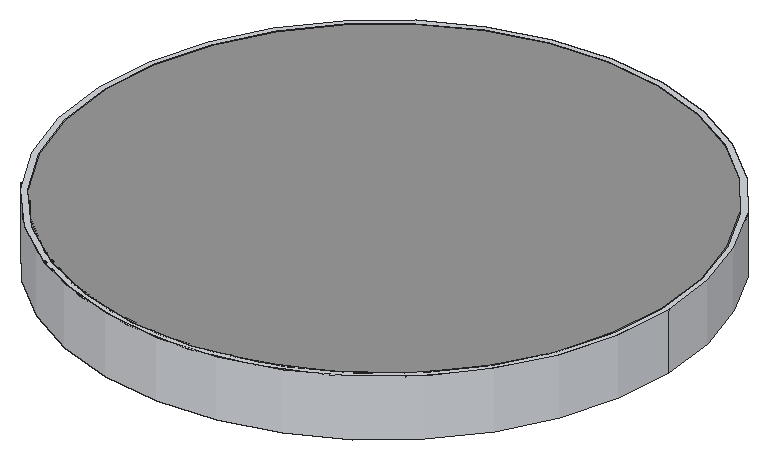
Revit family "2071202", category Lighting Fixtures, host Face, Revit 2018
Family settings
  Host = Face
  Round Connector Dimension = Use Diameter
  Part Type = Normal
  OmniClass Number = 23.80.70.00
  OmniClass Title = Lighting
  Cut with Voids When Loaded = No
  Light Source = Yes
  Shared = No
  Room Calculation Point = No
Parameters (values of type "2071202 COLOSSAL 600 830 OP DIR+H WHT SSC")
  iner diameter = 588 mm
  Weight = "n/a"
  Wattage Comments = ""
  Wattage = 30 W
  WarrantyStartDate [instance] = "n/a"
  WarrantyGuarantorParts = "n/a"
  WarrantyDurationUnit = "n/a"
  WarrantyDurationParts = ""
  WarrantyDescription = "http://www.sylvania-lighting.com"
  built-in parameter 1150110 = 1 (stored number, unit not read)
  Voltage = 230 V
  URL = "0.99"
  TypeName = "COLOSSAL 600mm 830 OPAL DIR+HAL WHITE SSC"
  Type Image = <None>
  Type Comments = "n/a"
  built-in parameter 1114217 = 1 (stored number, unit not read)
  Tilt Angle = -90.00°
  built-in parameter 1150109 = 1 (stored number, unit not read)
  built-in parameter 1150134 = (empty or 0)
  built-in parameter 1150113 = 1 (stored number, unit not read)
  SerialNumber [instance] = "n/a"
  Photometric Web File = "2071202.ies"
  Material_3_SYL = LED-Sylvania
  PowerFactor = 0
  PowerConsumption = "Lighting"
  NominalLength = 600 mm
  NominalHeight = 93 mm
  NominalDepth = 600 mm
  Name = "COLOSSAL 600mm 830 OPAL DIR+HAL WHITE SSC"
  ModelReference = Name  # "COLOSSAL 600mm 830 OPAL DIR+HAL WHITE SSC"
  ModelNumber = "2071202"
  Model = Name  # "COLOSSAL 600mm 830 OPAL DIR+HAL WHITE SSC"
  Material = "Feilo Sylvania"
  ManufacturerName = "129 lm/W"
  Manufacturer = ""
  LuminousEfficacy = ""
  built-in parameter 1150105 = 270.44 (stored number, unit not read)
  Lumens = 3398.4 lm
  LuminaireType = "0"
  built-in parameter 1150115 = 1 (stored number, unit not read)
  LightOutputRatio = "LED"
  built-in parameter 1150137 = (empty or 0)
  built-in parameter 1150139 = (empty or 0)
  LampsType = Lamp  # "n/a"
  LampNominalLuminous = "3000 K"
  LampMacAdamStep = "80"
  LampColourTemperature = "LED"
  LampColourRenderingIndex = "16500"
  built-in parameter 1150112 = 1 (stored number, unit not read)
  built-in parameter 1150114 = 1 (stored number, unit not read)
  Lamp = "n/a"
  Keynote = "n/a"
  InstallationDate [instance] = "n/a"
  InputVoltage = "0"
  InputNominalFrequency = "3000"
  built-in parameter 1150132 = (empty or 0)
  built-in parameter 1150102 = (empty or 0)
  built-in parameter 1150107 = 3000 (stored number, unit not read)
  built-in parameter 1150138 = (empty or 0)
  IngressProtection = "IfcLightFixtureType"
  ImpactProtectionIndex = "IfcLightFixtureType"
  built-in parameter 1150106 = 2.7044 (stored number, unit not read)
  IfcExportType = "IfcLightFixtureType"
  IfcExportAs = "Class I"
  Emit from Circle Diameter = 385 mm
  Emit Shape Visible in Rendering = no
  ElectricShockClassification = "129"
  built-in parameter 1150104 = 10.524 (stored number, unit not read)
  DocumentationLiterature = "http://www.sylvania-lighting.com/product/en-int/products/2071202"
  DimmingControlOptions = "n/a"
  Material_2_SYL = Polycarbonate_Sylvania_White
  Dimming Lamp Color Temperature Shift = <None>
  Description = "600mm diameter circular architectural luminaire, can be surface mounted or suspended. Powder coated aluminium housing (RAL9016) with polycarbonate opal diffuser. Direct/indirect (halo) light distribution, 5190lm luminuous flux, 40.1W system power, 129lm/W luminiaire efficacy. Sylsmart Standalone enabled. Colour rendering index Ra >80, 3000K Warm White LED, chromaticity tolerance of 3-step MacAdam ellipse. IP40, IK03. 450mA drive current. Electrical protection Class1, 220-240V. Reported lifetime 66k hours L90B10."
  Default Elevation = 1219.2 mm
  CreatedOn = "23/03/2022"
  CreatedBy = "@sylvania-lighting.com"
  Cost = 0
  Color Filter = 16777215
  built-in parameter 1114216 [instance] = (empty or 0)
  ClassificationValue = "EF_70_80"
  ClassificationName = "Uniclass2015"
  Material_1_SYL = Polycarbonate_Sylvania_Opal
  BarCode [instance] = "n/a"
  built-in parameter 1114218 = 1 (stored number, unit not read)
  built-in parameter 1150133 = 10 (stored number, unit not read)
  AssetType = "Fixed"
  AssetIdentifier [instance] = "n/a"
  Assembly Code = "D5020200"
  Apparent Load = 40.1 VA
  Material_4_SYL = none
Reference planes
  plane 1 "Center (Front/Back)": y = 0
  plane 2: z = 0
  plane 3 "Center (Left/Right)": x = 0
  plane 4: x = -300
  plane 5: x = 300
  plane 6: y = 300
  plane 7: y = -300
  plane 8: y = 212
  plane 9: y = -212
  plane 10: z = 93
  plane 11: y = 294
  plane 12: y = -294
  plane 13: through (0, 0, 1219.2) normal (0.5, -0.866, 0)
  plane 14: through (-134.29, 20.617, 1219.2) normal (0.5, -0.866, 0)
  plane 15: through (-144.685, -181.683, 1219.2) normal (-0.5, 0.866, 0)
  plane 16: through (0, 0, 1219.2) normal (0.5, 0.866, 0)
  plane 17: through (178.555, -4.939, 1219.2) normal (0.5, 0.866, 0)
  plane 18: through (87.581, -148.715, 1219.2) normal (0.5, 0.866, 0)
  plane 19: y = 272
  plane 20: through (105.168, 227.067, 1219.2) normal (0.866, 0.5, 0)
  plane 21: through (-104.171, 225.672, 1219.2) normal (0.8572, -0.515, 0)
  plane 22: y = -204.612
  plane 23: through (-296.643, -30.2, 1219.2) normal (0.866, 0.5, 0)
  plane 24: through (153.092, -278.837, 1219.2) normal (-0.866, 0.5, 0)
Forms (mm)
  Extrusion 1, solid, detail levels medium+fine
    sketch origin (0, 0, 0) x (1, 0, 0) y (0, 1, 0)
      loop
        circle (0, 0) r 300
    from 33.023 to 93
  Extrusion 2, void
    sketch origin (0, 0, 0) x (1, 0, 0) y (0, 1, 0)
      loop
        circle (0, 0) r 294
    from 93 to 37.292
  Extrusion 3, solid, material "Glass, White, High Luminance", detail levels fine
    sketch origin (0, 0, 0) x (1, 0, 0) y (0, 1, 0)
      loop
        circle (0, 0) r 294
    from 88.026 to 93
  Extrusion 4, solid, detail levels coarse
    sketch origin (0, 0, 0) x (1, 0, 0) y (0, 1, 0)
      loop
        line (-300, 300) -> (-300, -300) -> (300, -300) -> (300, 300) -> (-300, 300)
    from 0 to 93
  Blend 5, solid, detail levels medium+fine
    base sketch origin (0, 0, 0) x (1, 0, 0) y (0, 1, 0)
      loop
        line (-76.334, 272) -> (-277.665, -63.07) -> (-195.946, -204.612) -> (195.946, -204.612) -> (275.172, -67.388) -> (79.226, 272) -> (-76.334, 272)
    top sketch origin (0, 0, 0) x (1, 0, 0) y (0, 1, 0)
      loop
        line (-226.097, -32.388) -> (-141.097, -179.612) -> (141.097, -179.612) -> (226.097, -32.388) -> (85, 212) -> (-85, 212) -> (-226.097, -32.388)
    from 33.023 to 0
Cuts and joins
  Extrusion 2 cuts Extrusion 1
Lines and regions (mm)
  model lines
    curve 1: line (-85, 212, 0) -> (0, 212, 0)
    curve 2: line (0, 212, 0) -> (85, 212, 0)
Dimensions and locks
  "NominalDepth": plane 6 to plane 7
  "NominalLength": plane 4 to plane 5
  equal spacing: plane 4, plane 3 "Center (Left/Right)", plane 5
  "iner diameter": plane 11 to plane 12
  equal spacing: plane 11, plane 1 "Center (Front/Back)", plane 12
  equal spacing: plane 6, plane 1 "Center (Front/Back)", plane 7
  "NominalHeight": plane 10 to level
  radius of Extrusion 2 sketch curve = 294 mm
  aligned and locked: plane 2 to host face
  aligned and locked: level to host face
Automatic sketch dimensions
  host sketch curve to host sketch curve = 2438.4 mm  (x2)
  plane 1 "Center (Front/Back)" to Extrusion 1 sketch curve = 0 mm
  Extrusion 1 sketch curve to plane 3 "Center (Left/Right)" = 0 mm
  plane 1 "Center (Front/Back)" to Extrusion 2 sketch curve = 0 mm
  Extrusion 2 sketch curve to plane 3 "Center (Left/Right)" = 0 mm
  plane 1 "Center (Front/Back)" to Extrusion 3 sketch curve = 0 mm
  Extrusion 3 sketch curve to plane 3 "Center (Left/Right)" = 0 mm
  Extrusion 4 sketch curve to plane 4 = 0 mm
  Extrusion 4 sketch curve to plane 5 = 0 mm
  Extrusion 4 sketch curve to plane 7 = 0 mm
  Extrusion 4 sketch curve to plane 6 = 0 mm
  Blend 5 sketch curve to plane 8 = 0 mm
  Blend 5 sketch curve to plane 3 "Center (Left/Right)" = 85 mm
  plane 3 "Center (Left/Right)" to Blend 5 sketch curve = 85 mm
  plane 9 to Blend 5 sketch curve = 32.388 mm
  plane 3 "Center (Left/Right)" to Blend 5 sketch curve = 141.097 mm
  plane 1 "Center (Front/Back)" to Blend 5 sketch curve = 32.388 mm  (x2)
  Blend 5 sketch curve to plane 5 = 73.903 mm
  Blend 5 sketch curve to plane 3 "Center (Left/Right)" = 141.097 mm
  plane 4 to Blend 5 sketch curve = 73.903 mm
  curve 1 to plane 8 = 0 mm
  curve 2 to plane 3 "Center (Left/Right)" = 0 mm
  curve 1 to plane 3 "Center (Left/Right)" = 85 mm
  curve 1 to curve 2 = 85 mm
  Blend 5 sketch curve to plane 21 = 0 mm
  Blend 5 sketch curve to plane 23 = 0 mm  (x2)
  Blend 5 sketch curve to plane 22 = 0 mm
  Blend 5 sketch curve to plane 19 = 0 mm
  plane 21 to Blend 5 sketch curve = 0 mm
  Blend 5 sketch curve to plane 20 = 0 mm  (x2)
  Blend 5 sketch curve to plane 24 = 0 mm  (x2)
  radius of Extrusion 1 sketch curve = 300 mm
  radius of Extrusion 3 sketch curve = 294 mm
Connectors
  electrical at (0, 0, 0), driven by "Apparent Load", driven by "PowerFactor", driven by "Voltage"
    settings: index 1, voltage 230 V, apparent load 40.1 VA, apparent load phase1 0 VA, apparent load phase2 0 VA, apparent load phase3 0 VA, power factor 0, load classification "Lighting", number of poles 1, system type 30, power factor state 1, is connector primary yes, connector utility no, sub classification motor no, connector description ""
